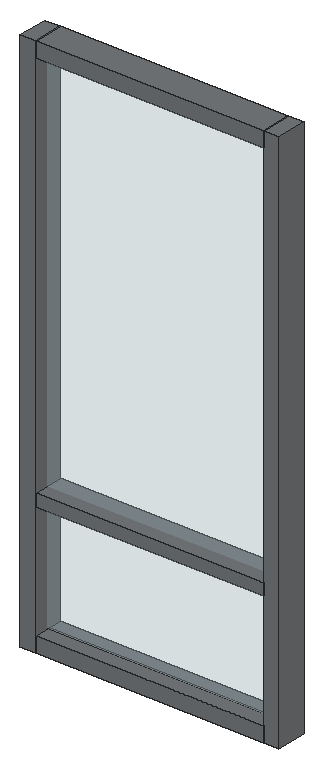
Revit family "LC W10 - A11", category Windows, host Wall, Revit 2027
Family settings
  Host = Wall
  Always vertical = Yes
  Cut with Voids When Loaded = No
  Shared = No
  Room Calculation Point = No
Parameters (values of type "A11 nominal size")
  Height = 1800 mm  # constant formula
  Description = "A07/A08 position, A11 overall sizes. Frame50x100 and glazing6mm are visual coordination profiles; manufacturer sections/glazing specification pending. Panel divisions follow schedule appearance, undimensioned divisions provisional."
  Default Sill Height = 0 mm
  Wall Closure = By host
  Width = 850 mm  # constant formula
Reference planes
  plane 1 "Center (Front/Back)": y = 0
  plane 2 "Center (Left/Right)": x = 0
  plane 3 "Left": x = -425
  plane 4 "Right": x = 425
  plane 5 "Sill": z = 0
  plane 6 "Head": z = 1800
  plane 7 "Exterior": y = 100
  plane 8 "Interior": y = -100
Forms (mm)
  Extrusion 1, solid, material "LC Aluminium - charcoal coordination"
    sketch origin (0, 0, 0) x (1, 0, 0) y (0, 1, 0)
      loop
        line (-425, -50) -> (-375, -50) -> (-375, 50) -> (-425, 50) -> (-425, -50)
    from 0 to 1800
  Extrusion 2, solid, material "LC Aluminium - charcoal coordination"
    sketch origin (0, 0, 0) x (1, 0, 0) y (0, 1, 0)
      loop
        line (375, -50) -> (425, -50) -> (425, 50) -> (375, 50) -> (375, -50)
    from 0 to 1800
  Extrusion 3, solid, material "LC Aluminium - charcoal coordination"
    sketch origin (0, 0, 0) x (1, 0, 0) y (0, 1, 0)
      loop
        line (-375, -50) -> (375, -50) -> (375, 50) -> (-375, 50) -> (-375, -50)
    from 1750 to 1800
  Extrusion 4, solid, material "LC Aluminium - charcoal coordination"
    sketch origin (0, 0, 0) x (1, 0, 0) y (0, 1, 0)
      loop
        line (-375, -50) -> (375, -50) -> (375, 50) -> (-375, 50) -> (-375, -50)
    from 0 to 50
  Extrusion 5, solid, material "LC Aluminium - charcoal coordination"
    sketch origin (0, 0, 0) x (1, 0, 0) y (0, 1, 0)
      loop
        line (-375, -50) -> (375, -50) -> (375, 50) -> (-375, 50) -> (-375, -50)
    from 430 to 470
  Extrusion 6, solid, material "LC Glazing - specification pending"
    sketch origin (0, 0, 0) x (1, 0, 0) y (0, 1, 0)
      loop
        line (-375, -3) -> (375, -3) -> (375, 3) -> (-375, 3) -> (-375, -3)
    from 50 to 450
  Extrusion 7, solid, material "LC Glazing - specification pending"
    sketch origin (0, 0, 0) x (1, 0, 0) y (0, 1, 0)
      loop
        line (-375, -3) -> (375, -3) -> (375, 3) -> (-375, 3) -> (-375, -3)
    from 450 to 1750
Lines and regions (mm)
  Opening 1
    outline origin (3500, -100, 0) x (1, 0, 0) y (0, 0, 1)
      loop
        line (-3075, 0) -> (-3075, 1800) -> (-3925, 1800) -> (-3925, 0) -> (-3075, 0)
Text (mm)
  text "Exterior" at (-1963.203, 1332.353, 0), in view "Ref. Level"
  text "Interior" at (-1981.466, -818.386, 0), in view "Ref. Level"
  text "Exterior" at (0, 923.751, 2943.296), in view "Right"
  text "Exterior" at (0, 1040.484, 2685.409), in view "Left"
Dimensions and locks
  equal spacing: plane 3 "Left", plane 2 "Center (Left/Right)", plane 4 "Right"
  "Width": plane 3 "Left" to plane 4 "Right"
  "Height": plane 5 "Sill" to plane 6 "Head"
  "Default Sill Height": plane 5 "Sill" to level
  locked: plane 7 "Exterior" to host wall
  locked: plane 8 "Interior" to host wall
Automatic sketch dimensions
  Opening 1 sketch curve to plane 3 "Left" = 0 mm
  Opening 1 sketch curve to plane 4 "Right" = 0 mm
  Opening 1 sketch curve to plane 5 "Sill" = 0 mm
  Opening 1 sketch curve to plane 6 "Head" = 0 mm
  Extrusion 1 sketch curve to plane 3 "Left" = 0 mm
  Extrusion 1 sketch curve to Extrusion 1 sketch curve = 50 mm
  host wall to Extrusion 1 sketch curve = 50 mm
  Extrusion 1 sketch curve to host wall = 50 mm
  Extrusion 2 sketch curve to plane 4 "Right" = 0 mm
  plane 4 "Right" to Extrusion 2 sketch curve = 50 mm
  host wall to Extrusion 2 sketch curve = 50 mm
  Extrusion 2 sketch curve to host wall = 50 mm
  Extrusion 3 sketch curve to plane 3 "Left" = 50 mm
  plane 4 "Right" to Extrusion 3 sketch curve = 50 mm
  host wall to Extrusion 3 sketch curve = 50 mm
  Extrusion 3 sketch curve to host wall = 50 mm
  Extrusion 4 sketch curve to plane 3 "Left" = 50 mm
  plane 4 "Right" to Extrusion 4 sketch curve = 50 mm
  host wall to Extrusion 4 sketch curve = 50 mm
  Extrusion 4 sketch curve to host wall = 50 mm
  Extrusion 5 sketch curve to plane 3 "Left" = 50 mm
  plane 4 "Right" to Extrusion 5 sketch curve = 50 mm
  host wall to Extrusion 5 sketch curve = 50 mm
  Extrusion 5 sketch curve to host wall = 50 mm
  host wall to Extrusion 6 sketch curve = 3 mm
  Extrusion 6 sketch curve to plane 3 "Left" = 50 mm
  Extrusion 6 sketch curve to host wall = 3 mm
  plane 4 "Right" to Extrusion 6 sketch curve = 50 mm
  host wall to Extrusion 7 sketch curve = 3 mm
  Extrusion 7 sketch curve to plane 3 "Left" = 50 mm
  Extrusion 7 sketch curve to host wall = 3 mm
  plane 4 "Right" to Extrusion 7 sketch curve = 50 mm
